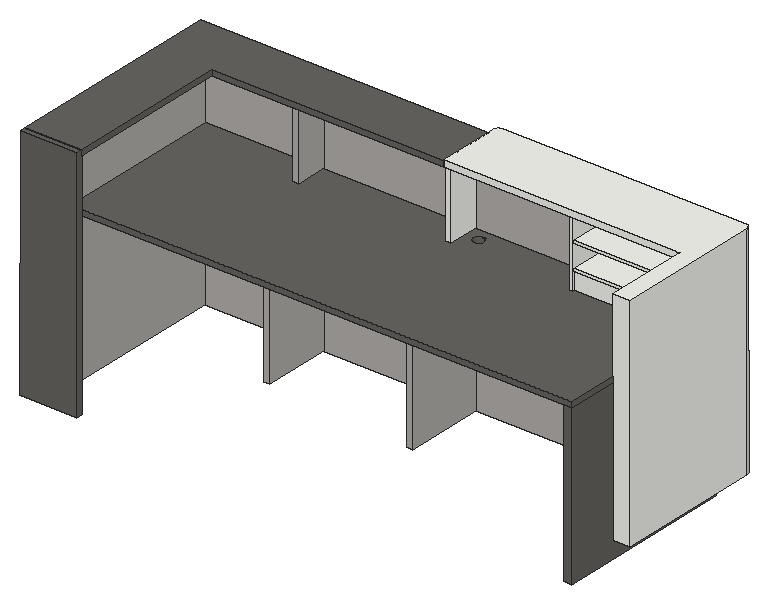
Revit family "Table-Teknion-CWRF_Reception_Full_Enclosure-R2016", category Furniture, Revit 2018 (continued)
Definition of nested family "Accessory-Teknion-Reception_Transaction_Counter-R2016"
  Dimensions and locks (in)
    plane 16 to Sweep 16 sketch curve to Sweep 16 sketch curve to Sweep 16 sketch curve to Sweep 16 sketch curve to Sweep 16 sketch curve to Sweep 16 sketch curve to Sweep 16 sketch curve to Sweep 16 sketch curve to Sweep 16 sketch curve to Sweep 16 sketch curve to Sweep 16 sketch curve to Sweep 16 sketch curve to Sweep 16 sketch curve to Sweep 16 sketch curve to Sweep 16 sketch curve to Sweep 16 sketch curve to Sweep 16 sketch curve to Sweep 16 sketch curve to Sweep 16 sketch curve to Sweep 16 sketch curve to Sweep 16 sketch curve to Sweep 16 sketch curve = 0.73307" locked, 0.0315" locked, 0.000" locked, 0.21358" locked, 0.22244" locked, 0.13189" locked, 0.22244" locked, 0.21358" locked, 0.000" locked, 0.0315" locked, 0.600" locked, 0.03937" locked, 0.000" locked, 0.04764" locked, 0.03937" locked, 0.34882" locked, 0.03937" locked, 0.25709" locked, 0.14291" locked, 0.09606" locked, 0.000" locked, 0.03937" locked
    plane 16 to Sweep 17 sketch curve to Sweep 17 sketch curve to Sweep 17 sketch curve to Sweep 17 sketch curve to Sweep 17 sketch curve to Sweep 17 sketch curve to Sweep 17 sketch curve to Sweep 17 sketch curve to Sweep 17 sketch curve to Sweep 17 sketch curve to Sweep 17 sketch curve to Sweep 17 sketch curve to Sweep 17 sketch curve to Sweep 17 sketch curve to Sweep 17 sketch curve to Sweep 17 sketch curve to Sweep 17 sketch curve to Sweep 17 sketch curve to Sweep 17 sketch curve to Sweep 17 sketch curve to Sweep 17 sketch curve to Sweep 17 sketch curve to Sweep 17 sketch curve to Sweep 17 sketch curve to Sweep 17 sketch curve to Sweep 17 sketch curve to Sweep 17 sketch curve to Sweep 17 sketch curve = 1.475" locked, 0.200" locked, 0.000" locked, 0.30807" locked, 0.0315" locked, 0.000" locked, 0.21358" locked, 0.22244" locked, 0.13189" locked, 0.22244" locked, 0.21358" locked, 0.000" locked, 0.0315" locked, 0.600" locked, 0.03937" locked, 0.000" locked, 0.04764" locked, 0.03937" locked, 0.34882" locked, 0.03937" locked, 0.25709" locked, 0.14291" locked, 0.09606" locked, 0.000" locked, 0.03937" locked, 0.325" locked, 0.000" locked, 0.200" locked
    Sweep 17 sketch curve to Sweep 17 sketch curve to Sweep 17 sketch curve to Sweep 17 sketch curve to Sweep 17 sketch curve to Sweep 17 sketch curve to Sweep 17 sketch curve to Sweep 17 sketch curve to Sweep 17 sketch curve to Sweep 17 sketch curve to Sweep 17 sketch curve to Sweep 17 sketch curve to Sweep 17 sketch curve to Sweep 17 sketch curve to Sweep 17 sketch curve to Sweep 17 sketch curve to Sweep 17 sketch curve to Sweep 17 sketch curve to Sweep 17 sketch curve to Sweep 17 sketch curve to Sweep 17 sketch curve to Sweep 17 sketch curve to Sweep 17 sketch curve to Sweep 17 sketch curve to Sweep 17 sketch curve to Sweep 17 sketch curve to Sweep 17 sketch curve to Sweep 17 sketch curve to level = 0.200" locked, 0.000" locked, 0.26633" locked, 0.00847" locked, 0.02303" locked, 0.000" locked, 0.01634" locked, 0.000" locked, 0.17087" locked, 0.0561" locked, 0.000" locked, 0.09469" locked, 0.02126" locked, 0.28583" locked, 0.02126" locked, 0.09469" locked, 0.000" locked, 0.0561" locked, 0.17087" locked, 0.000" locked, 0.01634" locked, 0.000" locked, 0.02303" locked, 0.00847" locked, 0.26633" locked, 0.000" locked, 0.200" locked, 29.500" locked
    Sweep 18 sketch curve to Sweep 18 sketch curve to Sweep 18 sketch curve to Sweep 18 sketch curve to Sweep 18 sketch curve to Sweep 18 sketch curve to Sweep 18 sketch curve to Sweep 18 sketch curve to Sweep 18 sketch curve to Sweep 18 sketch curve to Sweep 18 sketch curve to Sweep 18 sketch curve to Sweep 18 sketch curve to Sweep 18 sketch curve to Sweep 18 sketch curve to Sweep 18 sketch curve to Sweep 18 sketch curve to Sweep 18 sketch curve to Sweep 18 sketch curve to Sweep 18 sketch curve to Sweep 18 sketch curve to Sweep 18 sketch curve to level = 0.00847" locked, 0.02303" locked, 0.000" locked, 0.01634" locked, 0.000" locked, 0.17087" locked, 0.0561" locked, 0.000" locked, 0.09469" locked, 0.02126" locked, 0.28583" locked, 0.02126" locked, 0.09469" locked, 0.000" locked, 0.0561" locked, 0.17087" locked, 0.000" locked, 0.01634" locked, 0.000" locked, 0.02303" locked, 0.00847" locked, 29.96633" locked
    plane 16 to Sweep 18 sketch curve to Sweep 18 sketch curve to Sweep 18 sketch curve to Sweep 18 sketch curve to Sweep 18 sketch curve to Sweep 18 sketch curve to Sweep 18 sketch curve to Sweep 18 sketch curve to Sweep 18 sketch curve to Sweep 18 sketch curve to Sweep 18 sketch curve to Sweep 18 sketch curve to Sweep 18 sketch curve to Sweep 18 sketch curve to Sweep 18 sketch curve to Sweep 18 sketch curve to Sweep 18 sketch curve to Sweep 18 sketch curve to Sweep 18 sketch curve to Sweep 18 sketch curve to Sweep 18 sketch curve to Sweep 18 sketch curve = 1.98307" locked, 0.0315" locked, 0.000" locked, 0.21358" locked, 0.22244" locked, 0.13189" locked, 0.22244" locked, 0.21358" locked, 0.000" locked, 0.0315" locked, 0.600" locked, 0.03937" locked, 0.000" locked, 0.04764" locked, 0.03937" locked, 0.34882" locked, 0.03937" locked, 0.25709" locked, 0.14291" locked, 0.09606" locked, 0.000" locked, 0.03937" locked
    locked: plane 20 to Sweep 19 sketch curve at 0.06
    plane 16 to Sweep 19 sketch curve to Sweep 19 sketch curve to Sweep 19 sketch curve to Sweep 19 sketch curve to Sweep 19 sketch curve to Sweep 19 sketch curve to Sweep 19 sketch curve to Sweep 19 sketch curve to Sweep 19 sketch curve to Sweep 19 sketch curve to Sweep 19 sketch curve to Sweep 19 sketch curve = 0.84154" locked, 0.250" locked, 0.000" locked, 0.38346" locked, 0.200" locked, 0.000" locked, 3.350" locked, 0.000" locked, 0.200" locked, 0.36654" locked, 0.000" locked, 0.250" locked
    Sweep 19 sketch curve to Sweep 19 sketch curve to Sweep 19 sketch curve to Sweep 19 sketch curve to Sweep 19 sketch curve to Sweep 19 sketch curve to Sweep 19 sketch curve to Sweep 19 sketch curve to Sweep 19 sketch curve to Sweep 19 sketch curve to Sweep 19 sketch curve to Sweep 19 sketch curve to level = 0.250" locked, 0.000" locked, 0.250" locked, 0.200" locked, 0.000" locked, 1.600" locked, 0.000" locked, 0.200" locked, 0.250" locked, 0.000" locked, 0.250" locked, 29.000" locked
    Sweep 20 sketch curve to Sweep 20 sketch curve to Sweep 20 sketch curve to Sweep 20 sketch curve to Sweep 20 sketch curve to Sweep 20 sketch curve to Sweep 20 sketch curve to Sweep 20 sketch curve to Sweep 20 sketch curve to Sweep 20 sketch curve to Sweep 20 sketch curve to Sweep 20 sketch curve to Sweep 20 sketch curve to Sweep 20 sketch curve to Sweep 20 sketch curve to Sweep 20 sketch curve to Sweep 20 sketch curve to Sweep 20 sketch curve to Sweep 20 sketch curve to Sweep 20 sketch curve to Sweep 20 sketch curve to Sweep 20 sketch curve to Sweep 20 sketch curve to Sweep 20 sketch curve to Sweep 20 sketch curve to Sweep 20 sketch curve to Sweep 20 sketch curve to Sweep 20 sketch curve = 0.200", 0.000" locked, 0.325", 0.03937", 0.000" locked, 0.09606", 0.14291" locked, 0.25709" locked, 0.03937" locked, 0.34882" locked, 0.03937" locked, 0.04764", 0.000" locked, 0.03937", 0.600" locked, 0.0315", 0.000" locked, 0.21358", 0.22244" locked, 0.13189" locked, 0.22244" locked, 0.21358", 0.000" locked, 0.0315", 0.30807", 0.000" locked, 0.200"
    Sweep 20 sketch curve to Sweep 20 sketch curve to Sweep 20 sketch curve to Sweep 20 sketch curve to Sweep 20 sketch curve to Sweep 20 sketch curve to Sweep 20 sketch curve to Sweep 20 sketch curve to Sweep 20 sketch curve to Sweep 20 sketch curve to Sweep 20 sketch curve to Sweep 20 sketch curve to Sweep 20 sketch curve to Sweep 20 sketch curve to Sweep 20 sketch curve to Sweep 20 sketch curve to Sweep 20 sketch curve to Sweep 20 sketch curve to Sweep 20 sketch curve to Sweep 20 sketch curve to Sweep 20 sketch curve to Sweep 20 sketch curve to Sweep 20 sketch curve to Sweep 20 sketch curve to Sweep 20 sketch curve to Sweep 20 sketch curve to Sweep 20 sketch curve to Sweep 20 sketch curve = 0.200" locked, 0.000" locked, 0.26633" locked, 0.00847" locked, 0.02303" locked, 0.000" locked, 0.01634" locked, 0.000" locked, 0.17087" locked, 0.0561" locked, 0.000" locked, 0.09469" locked, 0.02126" locked, 0.28583" locked, 0.02126" locked, 0.09469" locked, 0.000" locked, 0.0561" locked, 0.17087" locked, 0.000" locked, 0.01634" locked, 0.000" locked, 0.02303" locked, 0.00847" locked, 0.26633" locked, 0.000" locked, 0.200" locked
    Sweep 21 sketch curve to Sweep 21 sketch curve to Sweep 21 sketch curve to Sweep 21 sketch curve to Sweep 21 sketch curve to Sweep 21 sketch curve to Sweep 21 sketch curve to Sweep 21 sketch curve to Sweep 21 sketch curve to Sweep 21 sketch curve to Sweep 21 sketch curve to Sweep 21 sketch curve to Sweep 21 sketch curve to Sweep 21 sketch curve to Sweep 21 sketch curve to Sweep 21 sketch curve to Sweep 21 sketch curve to Sweep 21 sketch curve to Sweep 21 sketch curve to Sweep 21 sketch curve to Sweep 21 sketch curve to Sweep 21 sketch curve = 0.00847" locked, 0.02303" locked, 0.000" locked, 0.01634" locked, 0.000" locked, 0.17087" locked, 0.0561" locked, 0.000" locked, 0.09469" locked, 0.02126" locked, 0.28583" locked, 0.02126" locked, 0.09469" locked, 0.000" locked, 0.0561" locked, 0.17087" locked, 0.000" locked, 0.01634" locked, 0.000" locked, 0.02303" locked, 0.00847" locked
    Sweep 21 sketch curve to Sweep 21 sketch curve to Sweep 21 sketch curve to Sweep 21 sketch curve to Sweep 21 sketch curve to Sweep 21 sketch curve to Sweep 21 sketch curve to Sweep 21 sketch curve to Sweep 21 sketch curve to Sweep 21 sketch curve to Sweep 21 sketch curve to Sweep 21 sketch curve to Sweep 21 sketch curve to Sweep 21 sketch curve to Sweep 21 sketch curve to Sweep 21 sketch curve to Sweep 21 sketch curve to Sweep 21 sketch curve to Sweep 21 sketch curve to Sweep 21 sketch curve to Sweep 21 sketch curve to Sweep 21 sketch curve = 0.03937", 0.000" locked, 0.09606", 0.14291" locked, 0.25709" locked, 0.03937" locked, 0.34882" locked, 0.03937" locked, 0.04764", 0.000" locked, 0.03937", 0.600" locked, 0.0315", 0.000" locked, 0.21358", 0.22244" locked, 0.13189" locked, 0.22244" locked, 0.21358", 0.000" locked, 0.0315"
    Sweep 22 sketch curve to Sweep 22 sketch curve to Sweep 22 sketch curve to Sweep 22 sketch curve to Sweep 22 sketch curve to Sweep 22 sketch curve to Sweep 22 sketch curve to Sweep 22 sketch curve to Sweep 22 sketch curve to Sweep 22 sketch curve to Sweep 22 sketch curve to Sweep 22 sketch curve = 0.250", 0.000" locked, 0.36654", 0.200", 0.000" locked, 3.350", 0.000" locked, 0.200", 0.38346", 0.000" locked, 0.250"
    Sweep 22 sketch curve to Sweep 22 sketch curve to Sweep 22 sketch curve to Sweep 22 sketch curve to Sweep 22 sketch curve to Sweep 22 sketch curve to Sweep 22 sketch curve to Sweep 22 sketch curve to Sweep 22 sketch curve to Sweep 22 sketch curve to Sweep 22 sketch curve to Sweep 22 sketch curve = 0.250" locked, 0.000" locked, 0.250" locked, 0.200" locked, 0.000" locked, 1.600" locked, 0.000" locked, 0.200" locked, 0.250" locked, 0.000" locked, 0.250" locked
    locked: Sweep 22 sketch curve to plane 19 at 0.06
    locked: Sweep 20 sketch curve to plane 19 at 0.09
    locked: Sweep 21 sketch curve to plane 19 at 0.1
    locked: plane 20 to Sweep 17 sketch curve at 0.09
    locked: plane 20 to Sweep 18 sketch curve at 0.1
    aligned and locked: level to plane 2
    aligned and locked: plane 8 "Top" to Sweep 1 sketch curve
    aligned and locked: plane 3 "Center Left/Right" to Sweep 1 sketch curve
    aligned and locked: plane 13 to Sweep 1 sketch curve
    aligned and locked: plane 10 to Sweep 1 sketch curve
    aligned and locked: Sweep 1 sketch curve to plane 3 "Center Left/Right"
    aligned and locked: Sweep 1 sketch curve to plane 9
    aligned and locked: Sweep 1 sketch curve to plane 11
    aligned and locked: Sweep 1 sketch curve to plane 12
    aligned and locked: plane 3 "Center Left/Right" to Sweep 2 sketch curve
    aligned and locked: plane 13 to Sweep 2 sketch curve
    aligned and locked: plane 3 "Center Left/Right" to Sweep 3 sketch curve  (x2)
    aligned and locked: plane 8 "Top" to Sweep 3 sketch curve
    aligned and locked: Sweep 3 sketch curve to plane 9
    aligned and locked: plane 11 to Sweep 3 sketch curve
    aligned and locked: plane 12 to Sweep 3 sketch curve
    aligned and locked: Sweep 3 sketch curve to plane 10
    aligned and locked: plane 3 "Center Left/Right" to Sweep 5 sketch curve
    aligned and locked: plane 1 "Center Front/Back" to Sweep 5 sketch curve
    aligned and locked: Sweep 5 sketch curve to plane 12
    aligned and locked: plane 3 "Center Left/Right" to Sweep 6 sketch curve  (x2)
    aligned and locked: Sweep 6 sketch curve to plane 14
    aligned and locked: plane 1 "Center Front/Back" to Sweep 7 sketch curve
    aligned and locked: plane 3 "Center Left/Right" to Sweep 8 sketch curve
    aligned and locked: plane 15 to Sweep 8 sketch curve
    aligned and locked: plane 18 to Sweep 8 sketch curve
    aligned and locked: Sweep 8 sketch curve to plane 17
    aligned and locked: plane 13 to Sweep 8 sketch curve
    aligned and locked: plane 13 to Sweep 9 sketch curve
    aligned and locked: plane 3 "Center Left/Right" to Sweep 9 sketch curve
    aligned and locked: plane 3 "Center Left/Right" to Sweep 10 sketch curve
    aligned and locked: level to Sweep 10 sketch curve
    aligned and locked: Sweep 10 sketch curve to level
    aligned and locked: Sweep 10 sketch curve to plane 15
    aligned and locked: Sweep 10 sketch curve to plane 17
    aligned and locked: plane 19 to Sweep 10 sketch curve
    aligned and locked: Sweep 10 sketch curve to plane 20
    aligned and locked: plane 3 "Center Left/Right" to Sweep 11 sketch curve
    aligned and locked: plane 8 "Top" to Sweep 11 sketch curve
    aligned and locked: Sweep 11 sketch curve to plane 16
    aligned and locked: Sweep 11 sketch curve to plane 18
    aligned and locked: Sweep 11 sketch curve to plane 17
    aligned and locked: Sweep 11 sketch curve to plane 15
    aligned and locked: plane 3 "Center Left/Right" to Sweep 12 sketch curve
    aligned and locked: plane 15 to Sweep 12 sketch curve
    aligned and locked: Sweep 12 sketch curve to plane 17
    aligned and locked: Sweep 12 sketch curve to plane 20
    aligned and locked: plane 19 to Sweep 12 sketch curve
    aligned and locked: plane 1 "Center Front/Back" to Sweep 13 sketch curve
    aligned and locked: Masking region 1 sketch curve to plane 9
    aligned and locked: Masking region 1 sketch curve to plane 11
    aligned and locked: Masking region 1 sketch curve to plane 12
    aligned and locked: Masking region 1 sketch curve to plane 10
    aligned and locked: Masking region 2 sketch curve to plane 16
    aligned and locked: Masking region 2 sketch curve to plane 17
    aligned and locked: Masking region 2 sketch curve to plane 18
    aligned and locked: Masking region 2 sketch curve to plane 15
    aligned and locked: curve 1 to cut or joined group of Sweep 1, Sweep 3, Sweep 4
    aligned and locked: curve 2 to Sweep 2
    aligned and locked: curve 3 to Sweep 2
    aligned and locked: curve 4 to Sweep 2
    aligned and locked: curve 5 to Sweep 2
    aligned and locked: curve 6 to Sweep 2
    aligned and locked: curve 7 to Sweep 2
    aligned and locked: curve 8 to Sweep 2
    aligned and locked: curve 9 to Sweep 2
    aligned and locked: curve 10 to Sweep 2
    aligned and locked: curve 11 to Sweep 2
    aligned and locked: curve 12 to Sweep 2
    aligned and locked: curve 13 to cut or joined group of Sweep 1, Sweep 3, Sweep 4
    aligned and locked: curve 14 to cut or joined group of Sweep 1, Sweep 3, Sweep 4
    aligned and locked: curve 15 to Sweep 5
    aligned and locked: curve 16 to Sweep 5
    aligned and locked: curve 17 to Sweep 5
    aligned and locked: curve 18 to Sweep 6
    aligned and locked: curve 19 to Sweep 6
    aligned and locked: curve 20 to Sweep 6
    aligned and locked: curve 21 to Sweep 6
    aligned and locked: curve 22 to Sweep 6
    aligned and locked: curve 23 to Sweep 6
    aligned and locked: curve 24 to Sweep 7
    aligned and locked: curve 25 to Sweep 7
    aligned and locked: curve 26 to Sweep 7
    aligned and locked: curve 27 to Sweep 6
    aligned and locked: curve 27 to Masking region 1
    aligned and locked: curve 28 to Sweep 10
    aligned and locked: curve 29 to Sweep 10
    aligned and locked: curve 30 to Sweep 10
    aligned and locked: Sweep 10 to curve 31
    aligned and locked: Sweep 10 to curve 32
    aligned and locked: curve 33 to Sweep 12
    aligned and locked: curve 34 to Sweep 12
    aligned and locked: curve 35 to Sweep 9
    aligned and locked: curve 36 to Sweep 9
    aligned and locked: curve 37 to Sweep 9
    aligned and locked: curve 38 to Sweep 9
    aligned and locked: curve 39 to Sweep 9
    aligned and locked: curve 40 to Sweep 9
    aligned and locked: curve 41 to Sweep 10
    aligned and locked: curve 42 to Sweep 10
    aligned and locked: curve 43 to Sweep 10
    aligned and locked: Sweep 10 to curve 44
    aligned and locked: curve 45 to Sweep 10
    aligned and locked: curve 46 to Sweep 12
    aligned and locked: curve 47 to Sweep 12
    aligned and locked: curve 48 to Sweep 12
    aligned and locked: curve 49 to Sweep 12
    aligned and locked: curve 50 to Sweep 12
    aligned and locked: curve 51 to Sweep 12
    aligned and locked: curve 52 to Sweep 12
    aligned and locked: curve 53 to Sweep 12
    aligned and locked: curve 54 to Sweep 13
    aligned and locked: curve 55 to Sweep 13
    aligned and locked: curve 56 to Sweep 13
    aligned and locked: plane 14 to Sweep 14 sketch curve
    aligned and locked: plane 1 "Center Front/Back" to Sweep 14 sketch curve
    aligned and locked: plane 14 to Sweep 15 sketch curve
    aligned and locked: plane 1 "Center Front/Back" to Sweep 15 sketch curve
    aligned and locked: plane 14 to Sweep 16 sketch curve
    aligned and locked: plane 1 "Center Front/Back" to Sweep 16 sketch curve
    aligned and locked: plane 1 "Center Front/Back" to Sweep 17 sketch curve
    aligned and locked: plane 1 "Center Front/Back" to Sweep 18 sketch curve
    aligned and locked: plane 20 to Sweep 19 sketch curve
    aligned and locked: plane 1 "Center Front/Back" to Sweep 19 sketch curve
    aligned and locked: plane 19 to Sweep 22 sketch curve
    aligned and locked: Sweep 22 sketch curve to plane 1 "Center Front/Back"
    aligned and locked: Sweep 20 sketch curve to plane 1 "Center Front/Back"
    aligned and locked: plane 19 to Sweep 20 sketch curve
    aligned and locked: Sweep 21 sketch curve to plane 1 "Center Front/Back"
    aligned and locked: plane 19 to Sweep 21 sketch curve
    aligned and locked: plane 20 to Sweep 17 sketch curve
    aligned and locked: plane 20 to Sweep 18 sketch curve
    aligned and locked: curve 57 to Sweep 14
    aligned and locked: curve 58 to Sweep 14
    aligned and locked: curve 59 to Sweep 15
    aligned and locked: curve 60 to Sweep 15
    aligned and locked: curve 61 to Sweep 15
    aligned and locked: curve 62 to Sweep 16
    aligned and locked: curve 63 to Sweep 16
    aligned and locked: curve 64 to Sweep 16
    aligned and locked: curve 65 to Sweep 16
    aligned and locked: curve 67 to Sweep 16
    aligned and locked: curve 66 to Sweep 16
    aligned and locked: curve 68 to Sweep 19
    aligned and locked: curve 69 to Sweep 19
    aligned and locked: curve 70 to Sweep 19
    aligned and locked: curve 71 to Sweep 17
    aligned and locked: curve 72 to Sweep 17
    aligned and locked: curve 73 to Sweep 17
    aligned and locked: curve 74 to Sweep 18
    aligned and locked: curve 75 to Sweep 18
    aligned and locked: curve 76 to Sweep 18
    aligned and locked: curve 77 to Sweep 18
    aligned and locked: curve 78 to Sweep 18
    aligned and locked: Sweep 18 to curve 79
    aligned and locked: curve 80 to Sweep 22
    aligned and locked: curve 81 to Sweep 22
    aligned and locked: curve 82 to Sweep 22
    aligned and locked: curve 83 to Sweep 20
    aligned and locked: curve 84 to Sweep 20
    aligned and locked: curve 85 to Sweep 20
    aligned and locked: curve 86 to Sweep 21
    aligned and locked: curve 87 to Sweep 21
    aligned and locked: curve 88 to Sweep 21
    aligned and locked: curve 89 to Sweep 21
    aligned and locked: curve 90 to Sweep 21
    aligned and locked: curve 91 to Sweep 21
  Automatic sketch dimensions
    Sweep 1 sketch curve to Sweep 1 sketch curve = 0.500"
    Sweep 2 sketch curve to Sweep 2 sketch curve = 0.000"
    Sweep 4 sketch curve to plane 3 "Center Left/Right" = 0.000"
    Sweep 4 sketch curve to plane 8 "Top" = 13.05906"
    Sweep 4 sketch curve to plane 8 "Top" = 1.05906"
    Sweep 4 sketch curve to profile plane = 0.000"
    Sweep 4 sketch curve to profile plane = 0.500"
    plane 1 "Center Front/Back" to Sweep 4 sketch curve = 5.000"
    Sweep 4 sketch curve to Sweep 4 sketch curve = 15.500"
    profile plane to Sweep 20 sketch curve = 0.475"
    level to Sweep 20 sketch curve = 29.500"
    Sweep 21 sketch curve to profile plane = 0.050"
    level to Sweep 21 sketch curve = 29.96633"
    profile plane to Sweep 22 sketch curve = 1.09154"
    level to Sweep 22 sketch curve = 29.000"
    curve 32 to plane 4 "Left" = 0.000"
    curve 28 to plane 4 "Left" = 0.000"
    curve 33 to plane 4 "Left" = 0.000"
    curve 1 to plane 3 "Center Left/Right" = 0.000"
    curve 45 to plane 5 "Right" = 0.000"
    curve 41 to plane 5 "Right" = 0.000"
    curve 47 to plane 5 "Right" = 0.000"
    curve 15 to plane 12 = 0.000"
    curve 17 to plane 12 = 0.000"
    curve 22 to curve 57 = 0.34154"
    curve 4 to plane 1 "Center Front/Back" = 1.000"
    curve 5 to curve 4 = 0.000"
Types (4): name | Width Availability | Width 2 | Width | Right & Center | Right | Not Center | Model | Underworksurface offset | Left & Center | Left | Full Length Right | Desk Surface Offset | Desk Square Addon Left | Description | Depth | Counter Edge Offset | Center
  (no name) | "84, 96, 108, 120, 132, 144, and 156" | 96.000" | 96.000" | yes | yes | yes | "CWRF_____R" | 27.000" | no | no | yes | 3.000" | no | "Teknion Reception with Full Enclosure, Right Transaction Counter" | 42.000" | 42.000" | no
  Left Transaction Counter | "84, 96, 108, 120, 132, 144, and 156" | 132.000" | 132.000" | no | no | yes | "CWRF_____L" | 38.000" | yes | yes | no | 23.000" | yes | "Teknion Reception with Full Enclosure, Left Transaction Counter" | 54.000" | 51.000" | no
  Right Transaction Counter | "84, 96, 108, 120, 132, 144, and 156" | 96.000" | 96.000" | yes | yes | yes | "CWRF_____R" | 27.000" | no | no | yes | 3.000" | no | "Teknion Reception with Full Enclosure, Right Transaction Counter" | 42.000" | 42.000" | no
  Center Transaction Counter | "132, 144, and 156 Inches" | 132.000" | 132.000" | yes | no | no | "CWRF_____C" | 38.000" | yes | no | no | 23.000" | no | "Teknion Reception with Full Enclosure, Center Transaction Counter" | 48.000" | 51.000" | yes
